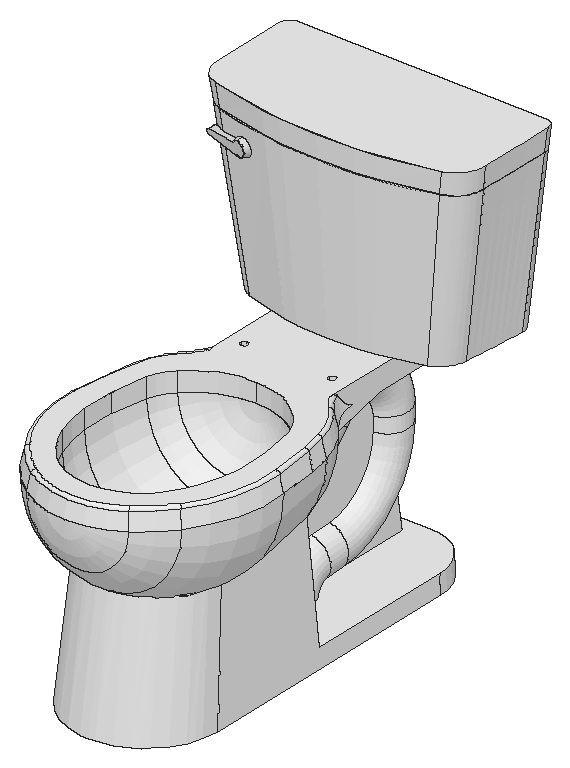
Revit family "Plumbing-Pressure-Assist-Water-Closet-Sloan-Valve-WETS-80098018z", category Plumbing Fixtures, host Face, Revit 2021 (continued)
Automatic sketch dimensions
  Extrusion 16 sketch curve to Extrusion 16 sketch curve = 18.15103"  (x2)
  Extrusion 16 sketch curve to Extrusion 16 sketch curve = 4"  (x2)
  Extrusion 16 sketch curve to Extrusion 16 sketch curve = 2.01849"
  Extrusion 16 sketch curve to Extrusion 16 sketch curve = 0.52667"  (x2)
  Extrusion 16 sketch curve to Extrusion 16 sketch curve = 1.24583"
  Extrusion 16 sketch curve to Extrusion 16 sketch curve = 1.55117"  (x2)
  Extrusion 16 sketch curve to Extrusion 16 sketch curve = 1.66402"
  Extrusion 16 sketch curve to Extrusion 16 sketch curve = 3.26432"
  Extrusion 16 sketch curve to Extrusion 16 sketch curve = 13.39952"
  Extrusion 16 sketch curve to Extrusion 16 sketch curve = 2.22418"  (x2)
  Extrusion 16 sketch curve to Extrusion 16 sketch curve = 0.38996"  (x2)
  Extrusion 16 sketch curve to Extrusion 16 sketch curve = 3.913"
  Extrusion 16 sketch curve to Extrusion 16 sketch curve = 3.98247"
  Extrusion 16 sketch curve to Extrusion 16 sketch curve = 0.39147"  (x2)
  Extrusion 16 sketch curve to Extrusion 16 sketch curve = 2.49844"
  Extrusion 16 sketch curve to Extrusion 16 sketch curve = 4.55398"
  Extrusion 16 sketch curve to Extrusion 16 sketch curve = 0.28975"  (x2)
  plane 7 to Extrusion 17 sketch curve = 15 3/4"
  Extrusion 17 sketch curve to Extrusion 17 sketch curve = 0.92653"
  Extrusion 17 sketch curve to plane 7 = 0.34835"
  Extrusion 17 sketch curve to Extrusion 17 sketch curve = 13 1/4"
  plane 7 to Revolve 18 sketch curve = 18.41431"
  Revolve 18 sketch curve to Revolve 18 sketch curve = 1.21427"
  Revolve 18 sketch curve to Revolve 18 sketch curve = 3.141"
  Revolve 18 sketch curve to Revolve 18 sketch curve = 0.55817"
  Revolve 18 sketch curve to Revolve 18 sketch curve = 4.78572"
  Revolve 18 sketch curve to Revolve 18 sketch curve = 1.12242"
  Revolve 18 sketch curve to Revolve 18 sketch curve = 1.54616"
  Revolve 18 sketch curve to Revolve 18 sketch curve = 1.91616"
  Revolve 18 sketch curve to Revolve 18 sketch curve = 0.22012"
  Revolve 18 sketch curve to Revolve 18 sketch curve = 2.15467"
  Revolve 18 sketch curve to Revolve 18 sketch curve = 4.85057"
  Revolve 18 sketch curve to Revolve 18 sketch curve = 4.53114"
  Revolve 18 sketch curve to Revolve 18 sketch curve = 0"  (x5)
  Revolve 18 sketch curve to Revolve 18 sketch curve = 2.34667"
  Revolve 18 sketch curve to Revolve 18 sketch curve = 1/2"
  Extrusion 19 sketch curve to Extrusion 19 sketch curve = 0"  (x12)
  plane 7 to Extrusion 19 sketch curve = 0"
  plane 7 to Extrusion 19 sketch curve = 6 1/128"  (x2)
  Extrusion 19 sketch curve to Extrusion 19 sketch curve = 1/4"
  Extrusion 19 sketch curve to Extrusion 19 sketch curve = 1/2"
  Extrusion 19 sketch curve to Extrusion 19 sketch curve = 1 3/4"  (x2)
  Extrusion 19 sketch curve to Extrusion 19 sketch curve = 8 3/8"
  Extrusion 19 sketch curve to Extrusion 19 sketch curve = 14 1/4"
  Extrusion 19 sketch curve to Extrusion 19 sketch curve = 1 1/4"
  Extrusion 19 sketch curve to plane 7 = 19.0791"
  plane 7 to Extrusion 20 sketch curve = 11 3/8"
  Extrusion 20 sketch curve to Extrusion 20 sketch curve = 6"
  Extrusion 20 sketch curve to Extrusion 20 sketch curve = 0"
  plane 11 to Blend 21 sketch curve = 23 1/2"
  Blend 21 sketch curve to Blend 21 sketch curve = 3 1/2"  (x2)
  Blend 21 sketch curve to Blend 21 sketch curve = 4 7/8"
  Blend 21 sketch curve to Blend 21 sketch curve = 2 3/4"
  plane 11 to Blend 21 sketch curve = 4 67/128"
  plane 11 to Blend 21 sketch curve = 22.25397"
  plane 11 to Blend 21 sketch curve = 1 3/128"
  Blend 21 sketch curve to Blend 21 sketch curve = 4 5/16"
  Blend 21 sketch curve to Blend 21 sketch curve = 1 5/8"
  plane 11 to Extrusion 22 sketch curve = 13.77953"
  Extrusion 22 sketch curve to Extrusion 22 sketch curve = 5.00662"
  Extrusion 22 sketch curve to Extrusion 22 sketch curve = 1.37144"
  Extrusion 22 sketch curve to Extrusion 22 sketch curve = 0.83072"
  plane 11 to Extrusion 22 sketch curve = 2.01421"
  plane 11 to Extrusion 22 sketch curve = 1.80632"
  Extrusion 22 sketch curve to Extrusion 22 sketch curve = 1.24829"
  Extrusion 22 sketch curve to Extrusion 22 sketch curve = 2.7937"
  plane 11 to Sweep 23 sketch curve = 16.44118"
  plane 11 to Sweep 23 sketch curve = 11 1/4"
  Sweep 23 sketch curve to Sweep 23 sketch curve = 1.57944"
  Sweep 23 sketch curve to Sweep 23 sketch curve = 1.66667"
  Sweep 23 sketch curve to Sweep 23 sketch curve = 1.22254"
  Sweep 23 sketch curve to Sweep 23 sketch curve = 1.50376"
  Sweep 23 sketch curve to Sweep 23 sketch curve = 2.37343"
  Sweep 23 sketch curve to Sweep 23 sketch curve = 3"
  Sweep 23 sketch curve to Sweep 23 sketch curve = 0.23912"
  Sweep 23 sketch curve to Sweep 23 sketch curve = 0.07881"
  Sweep 23 sketch curve to Sweep 23 sketch curve = 2.19457"
  Sweep 23 sketch curve to Sweep 23 sketch curve = 1.02691"
  Sweep 23 sketch curve to Sweep 23 sketch curve = 6.01869"
  Sweep 23 sketch curve to Sweep 23 sketch curve = 5.81653"
  Sweep 23 sketch curve to Sweep 23 sketch curve = 0.44425"
  Sweep 23 sketch curve to Sweep 23 sketch curve = 0"
  Sweep 23 sketch curve to Sweep 23 sketch curve = 1.19248"
  Sweep 23 sketch curve to profile plane = 0"  (x2)
  plane 11 to Extrusion 24 sketch curve = 25.07129"
  Extrusion 24 sketch curve to Extrusion 24 sketch curve = 6.25633"
  Extrusion 24 sketch curve to Extrusion 24 sketch curve = 0.50463"
  Extrusion 24 sketch curve to Extrusion 24 sketch curve = 7.2727"
  Extrusion 24 sketch curve to Extrusion 24 sketch curve = 1.99428"
  Extrusion 24 sketch curve to Extrusion 24 sketch curve = 1.03117"
  plane 11 to Extrusion 24 sketch curve = 2.02153"
  plane 11 to Extrusion 24 sketch curve = 1.93503"
  Extrusion 24 sketch curve to plane 11 = 12.09356"
  Extrusion 24 sketch curve to Extrusion 24 sketch curve = 3.6955"
  Extrusion 24 sketch curve to Extrusion 24 sketch curve = 5.768"
  Extrusion 24 sketch curve to Extrusion 24 sketch curve = 4 19/256"
  Extrusion 24 sketch curve to Extrusion 24 sketch curve = 4.71404"
  Extrusion 24 sketch curve to Extrusion 24 sketch curve = 3.46658"
  Extrusion 24 sketch curve to Extrusion 24 sketch curve = 0.2571"
  Extrusion 24 sketch curve to Extrusion 24 sketch curve = 0"
  plane 8 to Blend 25 sketch curve = 0.21467"
  plane 8 to Blend 25 sketch curve = 0.58558"
  plane 11 to Blend 25 sketch curve = 5/16"
  plane 8 to Blend 25 sketch curve = 0.96182"
  Blend 25 sketch curve to Blend 25 sketch curve = 1.99239"
  plane 8 to Blend 25 sketch curve = 7 15/16"
  plane 9 to Blend 25 sketch curve = 2.57797"
  plane 9 to Blend 25 sketch curve = 0.96182"
  plane 9 to Blend 25 sketch curve = 0.58558"
  plane 9 to Blend 25 sketch curve = 0.21467"
  Blend 25 sketch curve to Blend 25 sketch curve = 3/4"  (x2)
  Blend 25 sketch curve to Blend 25 sketch curve = 4.13053"  (x2)
  Blend 25 sketch curve to Blend 25 sketch curve = 0.17431"  (x2)
  Blend 25 sketch curve to plane 11 = 9.28691"
  Blend 25 sketch curve to Blend 25 sketch curve = 0"  (x2)
  plane 11 to Blend 25 sketch curve = 0"
  plane 11 to Blend 25 sketch curve = 6 1/128"  (x2)
  plane 11 to Blend 25 sketch curve = 3/4"  (x2)
  Blend 25 sketch curve to Blend 25 sketch curve = 2"
  Blend 25 sketch curve to Blend 25 sketch curve = 8 3/8"
  Blend 25 sketch curve to Blend 25 sketch curve = 14 1/4"
  Blend 25 sketch curve to Blend 25 sketch curve = 1 1/4"
  Blend 25 sketch curve to plane 11 = 19.0791"
  Extrusion 26 sketch curve to Extrusion 26 sketch curve = 2.41998"
  Extrusion 26 sketch curve to Extrusion 26 sketch curve = 0.01099"
  Extrusion 26 sketch curve to Extrusion 26 sketch curve = 0.0192"
  Extrusion 26 sketch curve to Extrusion 26 sketch curve = 0.16999"
  Extrusion 26 sketch curve to Extrusion 26 sketch curve = 0.15715"
  Extrusion 26 sketch curve to Extrusion 26 sketch curve = 0.78299"
  Revolve 27 sketch curve to Revolve 27 sketch curve = 0.48262"
  Revolve 27 sketch curve to Revolve 27 sketch curve = 1/2"
  Revolve 27 sketch curve to Revolve 27 sketch curve = 0.47889"
  Revolve 27 sketch curve to Revolve 27 sketch curve = 0.02676"
  Revolve 27 sketch curve to Revolve 27 sketch curve = 0.15681"
  Revolve 27 sketch curve to Revolve 27 sketch curve = 0"  (x2)
  Revolve 27 sketch curve to Revolve 27 sketch curve = 0.11261"
  plane 11 to Revolve 28 sketch curve = 18.41431"
  Revolve 28 sketch curve to Revolve 28 sketch curve = 0.38226"
  Revolve 28 sketch curve to Revolve 28 sketch curve = 213/256"
  Revolve 28 sketch curve to Revolve 28 sketch curve = 0"  (x10)
  Revolve 28 sketch curve to Revolve 28 sketch curve = 1.55117"
  Revolve 28 sketch curve to Revolve 28 sketch curve = 0.52667"
  Revolve 28 sketch curve to Revolve 28 sketch curve = 1.06316"
  Revolve 28 sketch curve to Revolve 28 sketch curve = 0.55817"
  Revolve 28 sketch curve to Revolve 28 sketch curve = 4.78572"
  Revolve 28 sketch curve to Revolve 28 sketch curve = 17.76248"
  Revolve 28 sketch curve to Revolve 28 sketch curve = 1.12242"
  Revolve 28 sketch curve to Revolve 28 sketch curve = 1.54616"
  Revolve 28 sketch curve to Revolve 28 sketch curve = 1.91616"
  Revolve 28 sketch curve to Revolve 28 sketch curve = 0.22012"
  Revolve 28 sketch curve to Revolve 28 sketch curve = 0.002"
  Revolve 28 sketch curve to Revolve 28 sketch curve = 0.38996"
  Revolve 28 sketch curve to Revolve 28 sketch curve = 2.4971"
  Revolve 28 sketch curve to Revolve 28 sketch curve = 1.76271"
  Revolve 28 sketch curve to Revolve 28 sketch curve = 0.46147"
  Revolve 28 sketch curve to Revolve 28 sketch curve = 1.76813"
  Revolve 28 sketch curve to Revolve 28 sketch curve = 2.37097"
  Revolve 28 sketch curve to Revolve 28 sketch curve = 1.94676"
  Revolve 28 sketch curve to Revolve 28 sketch curve = 0.65231"
  Revolve 28 sketch curve to Revolve 28 sketch curve = 3.62883"
  Revolve 28 sketch curve to Revolve 28 sketch curve = 2.41279"
  Revolve 28 sketch curve to Revolve 28 sketch curve = 0.18389"
  Revolve 28 sketch curve to Revolve 28 sketch curve = 1/2"
  Extrusion 29 sketch curve to Extrusion 29 sketch curve = 0.67182"
  Extrusion 29 sketch curve to Extrusion 29 sketch curve = 1.77234"
  Extrusion 29 sketch curve to Extrusion 29 sketch curve = 1.545"  (x2)
  Extrusion 29 sketch curve to Extrusion 29 sketch curve = 93/128"
  Extrusion 29 sketch curve to Extrusion 29 sketch curve = 0.40828"
  Extrusion 29 sketch curve to Extrusion 29 sketch curve = 2.54228"
  Extrusion 29 sketch curve to Extrusion 29 sketch curve = 2.74948"
  Blend 30 sketch curve to Blend 30 sketch curve = 0.99706"
  Blend 30 sketch curve to Blend 30 sketch curve = 0.24541"
  Blend 30 sketch curve to Blend 30 sketch curve = 1 13/16"
  Blend 30 sketch curve to Blend 30 sketch curve = 0.37271"
  Blend 31 sketch curve to Blend 31 sketch curve = 1 13/16"  (x2)
  Blend 31 sketch curve to Blend 31 sketch curve = 0.37271"
  Blend 31 sketch curve to Blend 31 sketch curve = 1.15396"
  plane 11 to Sweep 32 sketch curve = 26.57715"
  Sweep 32 sketch curve to Sweep 32 sketch curve = 9.12902"
  Sweep 32 sketch curve to Sweep 32 sketch curve = 0.84594"
  Sweep 32 sketch curve to Sweep 32 sketch curve = 3.46596"
  Sweep 32 sketch curve to Sweep 32 sketch curve = 1.9345"
  Sweep 32 sketch curve to Sweep 32 sketch curve = 0.18533"
  Sweep 32 sketch curve to Sweep 32 sketch curve = 1.3913"
  Sweep 32 sketch curve to Sweep 32 sketch curve = 1.1687"
  Sweep 32 sketch curve to Sweep 32 sketch curve = 3.42714"
  Sweep 32 sketch curve to Sweep 32 sketch curve = 1.86098"
  Sweep 32 sketch curve to Sweep 32 sketch curve = 1.34254"
  Sweep 32 sketch curve to Sweep 32 sketch curve = 1.96082"
  Sweep 32 sketch curve to Sweep 32 sketch curve = 0"  (x3)
  Sweep 32 sketch curve to Sweep 32 sketch curve = 2.59819"
  Sweep 32 sketch curve to profile plane = 0"
  Sweep 32 sketch curve to profile plane = 0.99706"  (x2)
  Sweep 33 sketch curve to Sweep 33 sketch curve = 0"  (x10)
  Sweep 33 sketch curve to plane 10 = 0"  (x4)
  plane 10 to Sweep 33 sketch curve = 5.70094"  (x2)
  plane 11 to Sweep 33 sketch curve = 10.88962"
  Sweep 33 sketch curve to Sweep 33 sketch curve = 18.15103"  (x2)
  Sweep 33 sketch curve to Sweep 33 sketch curve = 4"  (x2)
  Sweep 33 sketch curve to Sweep 33 sketch curve = 2.01849"
  Sweep 33 sketch curve to Sweep 33 sketch curve = 0.52667"  (x2)
  Sweep 33 sketch curve to Sweep 33 sketch curve = 1.24583"
  Sweep 33 sketch curve to Sweep 33 sketch curve = 1.55117"  (x2)
  Sweep 33 sketch curve to Sweep 33 sketch curve = 1.66402"
  Sweep 33 sketch curve to Sweep 33 sketch curve = 3.26432"
  plane 10 to Sweep 33 sketch curve = 4.99179"
  Sweep 33 sketch curve to Sweep 33 sketch curve = 2.22418"
  Sweep 33 sketch curve to Sweep 33 sketch curve = 0.38996"  (x2)
  Sweep 33 sketch curve to Sweep 33 sketch curve = 3.913"
  Sweep 33 sketch curve to Sweep 33 sketch curve = 6.87238"
  Sweep 33 sketch curve to Sweep 33 sketch curve = 5.26793"
  Sweep 33 sketch curve to Sweep 33 sketch curve = 0.29604"  (x2)
  Sweep 33 sketch curve to Sweep 33 sketch curve = 4.31887"  (x2)
  Sweep 33 sketch curve to profile plane = 0"
  Sweep 33 sketch curve to profile plane = 0.25828"
  Sweep 33 sketch curve to Sweep 33 sketch curve = 0.24359"
  Sweep 33 sketch curve to profile plane = 0.71616"
  profile plane to Sweep 33 sketch curve = 14 3/16"
  Sweep 33 sketch curve to Sweep 33 sketch curve = 1 1/16"
  Sweep 33 sketch curve to Sweep 33 sketch curve = 0.05624"
  Extrusion 34 sketch curve to Extrusion 34 sketch curve = 0"  (x18)
  plane 11 to Extrusion 34 sketch curve = 21.08289"
  Extrusion 34 sketch curve to Extrusion 34 sketch curve = 4.78572"  (x2)
  Extrusion 34 sketch curve to Extrusion 34 sketch curve = 0.55817"  (x2)
  Extrusion 34 sketch curve to Extrusion 34 sketch curve = 1.92673"  (x2)
  Extrusion 34 sketch curve to Extrusion 34 sketch curve = 3.141"
  Extrusion 34 sketch curve to Extrusion 34 sketch curve = 1.21427"  (x2)
  Extrusion 34 sketch curve to Extrusion 34 sketch curve = 0.37"  (x2)
  Extrusion 34 sketch curve to Extrusion 34 sketch curve = 0.22012"  (x2)
  Extrusion 34 sketch curve to Extrusion 34 sketch curve = 2.15467"
  Extrusion 34 sketch curve to Extrusion 34 sketch curve = 2.13627"
  Extrusion 34 sketch curve to Extrusion 34 sketch curve = 1.12242"  (x2)
  Extrusion 34 sketch curve to Extrusion 34 sketch curve = 1.58443"
  Extrusion 34 sketch curve to Extrusion 34 sketch curve = 1.57431"  (x2)
  Extrusion 35 sketch curve to Extrusion 35 sketch curve = 0"  (x13)
  plane 11 to Extrusion 35 sketch curve = 23.57999"  (x2)
  plane 11 to Extrusion 35 sketch curve = 10.88962"
  Extrusion 35 sketch curve to Extrusion 35 sketch curve = 18.15103"  (x2)
  Extrusion 35 sketch curve to Extrusion 35 sketch curve = 4"  (x2)
  Extrusion 35 sketch curve to Extrusion 35 sketch curve = 2.01849"
  Extrusion 35 sketch curve to Extrusion 35 sketch curve = 0.52667"  (x2)
  Extrusion 35 sketch curve to Extrusion 35 sketch curve = 1.24583"
  Extrusion 35 sketch curve to Extrusion 35 sketch curve = 1.55117"  (x2)
  Extrusion 35 sketch curve to Extrusion 35 sketch curve = 1.66402"
  Extrusion 35 sketch curve to Extrusion 35 sketch curve = 3.26432"
  Extrusion 35 sketch curve to Extrusion 35 sketch curve = 13.39952"
  Extrusion 35 sketch curve to Extrusion 35 sketch curve = 2.22418"  (x2)
  Extrusion 35 sketch curve to Extrusion 35 sketch curve = 0.38996"  (x2)
  Extrusion 35 sketch curve to Extrusion 35 sketch curve = 3.913"
  Extrusion 35 sketch curve to Extrusion 35 sketch curve = 3.98247"
  Extrusion 35 sketch curve to Extrusion 35 sketch curve = 0.39147"  (x2)
  Extrusion 35 sketch curve to Extrusion 35 sketch curve = 2.49844"
  Extrusion 35 sketch curve to Extrusion 35 sketch curve = 4.55398"
  Extrusion 35 sketch curve to Extrusion 35 sketch curve = 0.28975"  (x2)
  plane 11 to Extrusion 36 sketch curve = 15 3/4"
  Extrusion 36 sketch curve to Extrusion 36 sketch curve = 0.92653"
  Extrusion 36 sketch curve to plane 11 = 0.34835"
  Extrusion 36 sketch curve to Extrusion 36 sketch curve = 13 1/4"
  plane 11 to Revolve 37 sketch curve = 18.41431"
  Revolve 37 sketch curve to Revolve 37 sketch curve = 1.21427"
  Revolve 37 sketch curve to Revolve 37 sketch curve = 3.141"
  Revolve 37 sketch curve to Revolve 37 sketch curve = 0.55817"
  Revolve 37 sketch curve to Revolve 37 sketch curve = 4.78572"
  Revolve 37 sketch curve to Revolve 37 sketch curve = 1.12242"
  Revolve 37 sketch curve to Revolve 37 sketch curve = 1.54616"
  Revolve 37 sketch curve to Revolve 37 sketch curve = 1.91616"
  Revolve 37 sketch curve to Revolve 37 sketch curve = 0.22012"
  Revolve 37 sketch curve to Revolve 37 sketch curve = 2.15467"
  Revolve 37 sketch curve to Revolve 37 sketch curve = 4.85057"
  Revolve 37 sketch curve to Revolve 37 sketch curve = 4.53114"
  Revolve 37 sketch curve to Revolve 37 sketch curve = 0"  (x5)
  Revolve 37 sketch curve to Revolve 37 sketch curve = 2.34667"
  Revolve 37 sketch curve to Revolve 37 sketch curve = 1/2"
  Extrusion 38 sketch curve to Extrusion 38 sketch curve = 0"  (x12)
  plane 11 to Extrusion 38 sketch curve = 0"
  plane 11 to Extrusion 38 sketch curve = 6 1/128"  (x2)
  Extrusion 38 sketch curve to Extrusion 38 sketch curve = 1/4"
  Extrusion 38 sketch curve to Extrusion 38 sketch curve = 1/2"
  Extrusion 38 sketch curve to Extrusion 38 sketch curve = 1 3/4"  (x2)
  Extrusion 38 sketch curve to Extrusion 38 sketch curve = 8 3/8"
  Extrusion 38 sketch curve to Extrusion 38 sketch curve = 14 1/4"
  Extrusion 38 sketch curve to Extrusion 38 sketch curve = 1 1/4"
  Extrusion 38 sketch curve to plane 11 = 19.0791"
  plane 11 to Extrusion 39 sketch curve = 11 3/8"
  Extrusion 39 sketch curve to Extrusion 39 sketch curve = 6"
  Extrusion 39 sketch curve to Extrusion 39 sketch curve = 0"
  radius of Sweep 3 sketch curve = 1 1/2"
  radius of Extrusion 20 sketch curve = 1/4"  (x2)
  radius of Sweep 23 sketch curve = 1 1/2"
  radius of Extrusion 39 sketch curve = 1/4"  (x2)
Connectors
  piping at (-152.4, 0, 254), diameter 12.7, driven by "CWFU", driven by "Cold Water Connection Diameter", driven by "Cold Water Connector Description", driven by "Valve Pressure Drop"
    settings: on Extrusion 5, index 3, connector inside diameter 1/2", connector length 0", flow factor 0, pipe flow 0 GPM, pressure drop 0.00 psi, fitting loss kfactor 0, connector angle 0.00°, fixture units 10, engagement length 0", angle of deflection 0.00°, flow configuration 3, flow direction 1, fitting loss method 4, system type 20, joint type 0, gender type 0, connector reference index -1, connector utility 0, adjustable connector no, is connector primary yes, connector description "Cold Water Connector d1/2\""
  piping at (0, -304.8, 0), diameter 53.975, driven by "Sanitary Drain Connection Diameter", driven by "Sanitary Drain Connector Description", driven by "WFU"
    settings: on Sweep 3, index 4, connector inside diameter 24", connector length 0", flow factor 0, pipe flow 0 GPM, pressure drop 0.00 psi, fitting loss kfactor 0, connector angle 0.00°, fixture units 10, engagement length 0", angle of deflection 0.00°, flow configuration 3, flow direction 2, fitting loss method 0, system type 16, joint type 0, gender type 0, connector reference index -1, connector utility 0, adjustable connector no, is connector primary no, connector description "Sanitary Drain Connector d2 1/8\""
Types (3): name | Water Closet Code | Product Material | Part Number | Model | Description
  (no name) | "2108009" | Sloan Valve - Vitreous China - White | "WETS-8009.8018" | "WETS-8009.8018" | "Floor-Mounted 0.75 gpf (2.84 Lpf) 12\" Rough-in Pressure-Assisted/Tank Toilet."
  WETS-8009.8018 | "2108009" | Sloan Valve - Vitreous China - White | "WETS-8009.8018" | "WETS-8009.8018" | "Floor-Mounted 0.75 gpf (2.84 Lpf) 12\" Rough-in Pressure-Assisted/Tank Toilet."
  WETS-8009.8018-STG | "2178009" | Sloan Valve - Vitreous China - SloanTec Glaze White | "WETS-8009.8018-STG" | "WETS-8009.8018-STG" | "Floor-Mounted 0.75 gpf (2.84 Lpf)12\" Rough-in Pressure-Assisted/Tank Toilet with SloanTec® Glaze."
